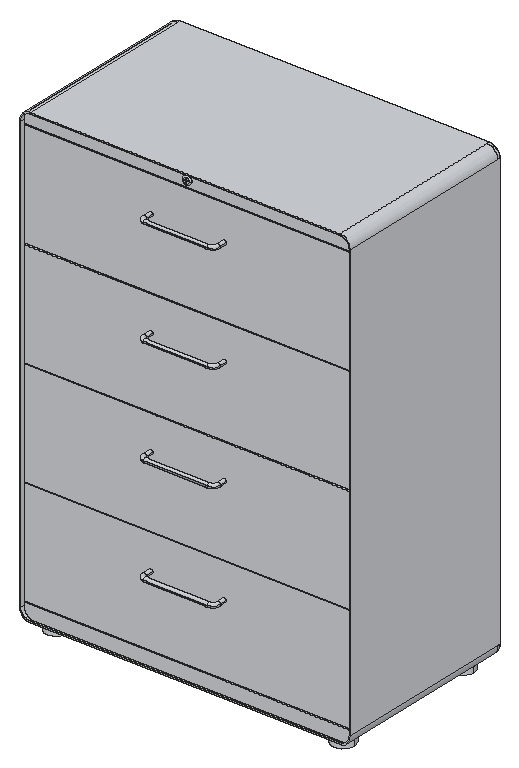
Revit family "Stow 4-Drawer Lateral File Cabinet", category Furniture, Revit 2015
Parameters (values of type "35.5" x 20" x 50"")
  Width = 20"
  URL = "http://www.poppin.com"
  Manufacturer = "Poppin, Inc."
  Lock Material = none
  Length = 35 1/2"
  Height = 50"
  Cabinet Material = none
  Feet Material = none
  Description = "Stow 4-Drawer Lateral File Cabinet"
  Copyright = "Copyright © Poppin, Inc."
Reference planes (in)
  plane 1 "Center (Front/Back)": y = 0
  plane 2: z = 0
  plane 3 "Center (Left/Right)": x = 0
Forms (in)
  Extrusion 1, solid, material <- "Cabinet Material"
    sketch origin (0, 0, 0) x (1, 0, 0) y (0, 0, 1)
      loop
        line (17.71648, 2.20638) -> (17.71648, 48.89756)
        arc (17.71648, 48.89756) -> (17.37079, 49.73213) -> (16.53622, 50.07782) r 1.18025
        line (16.53622, 50.07782) -> (-16.53189, 50.07782)
        arc (-16.53189, 50.07782) -> (-17.3696, 49.73083) -> (-17.71659, 48.89311) r 1.1847
        line (-17.71659, 48.89311) -> (-17.71659, 2.22081)
        arc (-17.71659, 2.22081) -> (-17.36594, 1.37427) -> (-16.5194, 1.02362) r 1.19719
        line (-16.5194, 1.02362) -> (16.53372, 1.02362)
        arc (16.53372, 1.02362) -> (17.37006, 1.37004) -> (17.71648, 2.20638) r 1.18276
      loop
        line (-17.59941, 48.89311) -> (-17.59941, 2.22081)
        arc (-17.59941, 2.22081) -> (-17.28308, 1.45714) -> (-16.5194, 1.14081) r 1.08
        line (-16.5194, 1.14081) -> (16.53372, 1.14081)
        arc (16.53372, 1.14081) -> (17.28719, 1.45291) -> (17.59929, 2.20638) r 1.06557
        line (17.59929, 2.20638) -> (17.59929, 48.89756)
        arc (17.59929, 48.89756) -> (17.28793, 49.64927) -> (16.53622, 49.96063) r 1.06307
        line (16.53622, 49.96063) -> (-16.53189, 49.96063)
        arc (-16.53189, 49.96063) -> (-17.28674, 49.64796) -> (-17.59941, 48.89311) r 1.06752
    from -10.54234 to 9.45638
  Extrusion 2, solid, material <- "Cabinet Material"
    sketch origin (0, 0, 0) x (1, 0, 0) y (0, 0, 1)
      loop
        arc (17.71648, 48.89756) -> (17.37079, 49.73213) -> (16.53622, 50.07782) r 1.18025
        line (16.53622, 50.07782) -> (-16.53189, 50.07782)
        arc (-16.53189, 50.07782) -> (-17.3696, 49.73083) -> (-17.71659, 48.89311) r 1.1847
        line (-17.71659, 48.89311) -> (-17.71659, 2.22081)
        arc (-17.71659, 2.22081) -> (-17.36594, 1.37427) -> (-16.5194, 1.02362) r 1.19719
        line (-16.5194, 1.02362) -> (16.53372, 1.02362)
        arc (16.53372, 1.02362) -> (17.37006, 1.37004) -> (17.71648, 2.20638) r 1.18276
        line (17.71648, 2.20638) -> (17.71648, 48.89756)
    from -10.49151 to -10.2356
  Extrusion 3, solid, material <- "Cabinet Material"
    sketch origin (0, 0, 0) x (1, 0, 0) y (0, 0, 1)
      loop
        line (16.53537, 49.95971) -> (-16.53549, 49.95971)
        arc (-16.53549, 49.95971) -> (-17.28714, 49.64836) -> (-17.59848, 48.89672) r 1.06299
        line (-17.59848, 48.89672) -> (-17.59848, 48.54238) -> (17.59837, 48.54238) -> (17.59837, 48.89672)
        arc (17.59837, 48.89672) -> (17.28702, 49.64836) -> (16.53537, 49.95971) r 1.06299
      loop
        line (17.48026, 14.13386) -> (17.48026, 25.47244) -> (-17.48037, 25.47244) -> (-17.48037, 14.13386) -> (17.48026, 14.13386)
      loop
        line (17.48026, 2.67717) -> (17.48026, 14.01575) -> (-17.48037, 14.01575) -> (-17.48037, 2.67717) -> (17.48026, 2.67717)
      loop
        line (17.59837, 2.55906) -> (-17.59848, 2.55906) -> (-17.59848, 2.20472)
        arc (-17.59848, 2.20472) -> (-17.28714, 1.45308) -> (-16.53549, 1.14173) r 1.06299
        line (-16.53549, 1.14173) -> (16.53537, 1.14173)
        arc (16.53537, 1.14173) -> (17.28702, 1.45308) -> (17.59837, 2.20472) r 1.06299
        line (17.59837, 2.20472) -> (17.59837, 2.55906)
      loop
        line (17.46805, 48.38583) -> (-17.49258, 48.38583) -> (-17.49258, 37.04724) -> (17.46805, 37.04724) -> (17.46805, 48.38583)
      loop
        line (17.46805, 36.92913) -> (-17.49258, 36.92913) -> (-17.49258, 25.59055) -> (17.46805, 25.59055) -> (17.46805, 36.92913)
    from 8.26834 to 9.13448
  Sweep 4, solid, material <- "Cabinet Material"
    path origin (0, -3.25656, 24.25197) x (0, 1, 0) y (-1, 0, 0)
      loop
        line (-5.87791, -3.94304) -> (-6.70936, -3.94304)
        arc (-6.70936, -3.94304) -> (-7.09371, -3.78384) -> (-7.25291, -3.39949) r 0.54355
        line (-7.25291, -3.39949) -> (-7.25291, 3.44759)
        arc (-7.25291, 3.44759) -> (-7.10647, 3.80114) -> (-6.75291, 3.94759) r 0.5
        line (-6.75291, 3.94759) -> (-5.87791, 3.94759)
    profile origin (3.94304, -9.5502, 24.25197) x (1, 0, 0) y (0, 0, 1)
      loop
        circle (-0.00486, -2.52345) r 0.19561
      loop
        circle (-0.00486, -13.97658) r 0.19561
      loop
        circle (-0.01268, 20.38739) r 0.19561
      loop
        circle (-0.01268, 8.93427) r 0.19561
  Extrusion 5, solid, material <- "Feet Material"
    sketch origin (0, -3.25656, 24.25197) x (0, 1, 0) y (-1, 0, 0)
      loop
        circle (11.82386, 15.35063) r 1.20662
      loop
        circle (11.82386, -15.34511) r 1.20662
      loop
        circle (-4.21698, 15.35063) r 1.20662
      loop
        circle (-4.21698, -15.34511) r 1.20662
    from -24.25197 to -23.58268
  Extrusion 6, solid, material <- "Feet Material"
    sketch origin (0, -3.25656, 24.25197) x (0, 1, 0) y (-1, 0, 0)
      loop
        circle (11.8411, 15.3534) r 0.24079
      loop
        circle (11.8411, -15.3486) r 0.24079
      loop
        circle (-4.21859, 15.3534) r 0.24079
      loop
        circle (-4.21859, -15.3486) r 0.24079
    from -23.58268 to -23.22835
  Revolve 7, solid, material <- "Lock Material"
    sketch origin (0, -3.25656, 49.25392) x (0, 1, 0) y (-1, 0, 0)
      loop
        line (-5.22831, 0) -> (-6.01571, 0) -> (-6.01571, -0.35894)
        arc (-6.01571, -0.35894) -> (-5.99396, -0.41145) -> (-5.94145, -0.4332) r 0.07426
        line (-5.94145, -0.4332) -> (-5.87791, -0.4332) -> (-5.87791, -0.25585) -> (-5.22831, -0.25585) -> (-5.22831, 0)
      axis (-5.22831, 0) -> (-6.01571, 0)
    angle from 0 to 360
  Extrusion 8, void
    sketch origin (0, -9.13448, 49.25392) x (-1, 0, 0) y (0, 0, -1)
      loop
        line (0.03943, -0.17589) -> (0.03943, 0.17844) -> (-0.03931, 0.17844) -> (-0.03931, -0.17589) -> (0.03943, -0.17589)
    from -0.33465 to 0.2012
Cuts and joins
  Extrusion 8 cuts Extrusion 3
  Extrusion 8 cuts Revolve 7
  joined: Extrusion 1, Extrusion 2
Dimensions and locks (in)
  aligned and locked: level to plane 2
